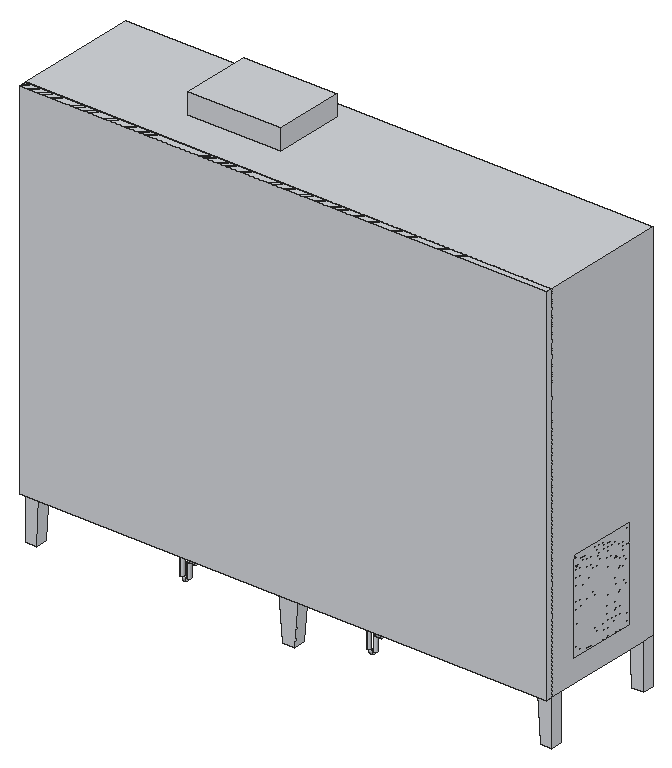
Revit family "AHU 5 _5", category Mechanické zařízení, Revit 2018
Family settings
  Kóta kulaté spojky = Použít průměr
  Typ dílu = Normální
  Číslo OmniClass = 23.75.00.00
  Nadpis OmniClass = Climate Control (HVAC)
  Založené na pracovní rovině = Ne
  Vždy vertikální = Ano
  Ořezat dutým tvarem při načtení = Ne
  Sdílené = Ne
  Bod výpočtu místnosti = Ne
Parameters (values of type "DUPLEXVENT 2500 Multi Eco")
  Width [instance] = 0.58 mm
  Weight [instance] = 324.00 kg
  URL = ""
  Type [instance] = "DUPLEXVENT 2500 Multi Eco"
  Total_SFP [instance] = 0
  Supply_outlet_hum [instance] = 90
  Supply_inlet_hum [instance] = 90
  Supply_ext_pressure [instance] = 0.0 Pa
  Supply_SFP [instance] = 0
  Source_adu_file [instance] = ""
  Recuperation_type [instance] = "Plate heat recovery exchanger"
  Recuperation_efficiency_EN308 [instance] = 0
  Project_name [instance] = ""
  Project_date [instance] = "10.8.2023"
  Power_supply_fusing [instance] = "0"
  Power_supply_cable [instance] = "0"
  Position [instance] = "AHU 5 "
  Phases_count [instance] = 3
  Panel_thickness [instance] = 0.06 mm
  Outer_surface [instance] = "RAL 9002"
  Length [instance] = 2.3 mm
  Insulation_type [instance] = "PUR"
  Insulation_thickness [instance] = 0.05 mm
  Installation_environment [instance] = ""
  Input_power_max [instance] = 5000 W
  Inner_surface [instance] = "Pozink"
  I2 [instance] = I1  # 0.0 L/s
  Height [instance] = 1.6 mm
  Exhaust_outlet_hum [instance] = 40
  Exhaust_inlet_hum [instance] = 40
  Exhaust_ext_pressure [instance] = 0.0 Pa
  Exhaust_SFP [instance] = 0
  E1 [instance] = E2 - M1  # 0.0 L/s
  E2 [instance] = 0.0 L/s
  I1 [instance] = 0.0 L/s
  Description = ""
  M1 [instance] = 0.0 L/s
  Device_dutypoint_version [instance] = "0"
  Device_design_version [instance] = "9"
  Device_adu_id [instance] = "5"
  Current_max [instance] = 8 A
  Casing_mat [instance] = "painted zinc layer"
  Cable type [instance] = "CYKY 5Jx2,5"
Reference planes
  plane 1 "Střed (vpředu/vzadu)": y = 0
  plane 2 "ref": z = 0
  plane 3 "Střed (vlevo/vpravo)": x = 0
Forms (mm)
  Sweep 1, solid
    path origin (0, 0, 0) x (0, 0, 1) y (1, 0, 0)
      loop
        line (0, 0) -> (1600, 0)
    profile origin (0, 0, 0) x (1, 0, 0) y (0, 1, 0)
      loop
        line (0, 0) -> (2300, 0) -> (2300, 550) -> (0, 550) -> (0, 0)
  Sweep 2, solid
    path origin (0, 0, 0) x (0, 0, 1) y (1, 0, 0)
      loop
        line (0, 0) -> (1600, 0)
    profile origin (0, 0, 0) x (1, 0, 0) y (0, 1, 0)
      loop
        line (0, 0) -> (0, -30) -> (2300, -30) -> (2300, 0) -> (0, 0)
  Sweep 3, solid
    path origin (1, 270, 300) x (0, 1, 0) y (-1, 0, 0)
      loop
        line (0, 0) -> (0, 1)
    profile origin (1, 270, 300) x (0, -1, 0) y (0, 0, 1)
      loop
        line (-150, -200) -> (150, -200) -> (150, 200) -> (-150, 200) -> (-150, -200)
  Sweep 4, solid
    path origin (2299, 285, 1205) x (1, 0, 0) y (0, 1, 0)
      loop
        line (0, 0) -> (1, 0)
    profile origin (2299, 285, 1205) x (0, 1, 0) y (0, 0, 1)
      loop
        line (-225, 355) -> (-225, -355) -> (225, -355) -> (225, 355) -> (-225, 355)
  Sweep 5, solid
    path origin (2299, 270, 300) x (1, 0, 0) y (0, 1, 0)
      loop
        line (0, 0) -> (1, 0)
    profile origin (2299, 270, 300) x (0, 1, 0) y (0, 0, 1)
      loop
        line (-150, 200) -> (-150, -200) -> (150, -200) -> (150, 200) -> (-150, 200)
  Sweep 6, solid
    path origin (1, 285, 1205) x (0, 1, 0) y (-1, 0, 0)
      loop
        line (0, 0) -> (0, 1)
    profile origin (1, 285, 1205) x (0, -1, 0) y (0, 0, 1)
      loop
        line (-225, -355) -> (225, -355) -> (225, 355) -> (-225, 355) -> (-225, -355)
  Sweep 7, solid
    path origin (1440, 75, 0) x (0, -1, 0) y (0, 0, 1)
      loop
        line (0, 0) -> (0, -142)
    profile origin (1440, 75, 0) x (-1, 0, 0) y (0, -1, 0)
      loop
        circle (0, 0) r 8
  Sweep 8, solid
    path origin (1448, 75, -150) x (0, 0, -1) y (1, 0, 0)
      loop
        line (0, 0) -> (0, 14)
    profile origin (1448, 75, -150) x (0, 0, 1) y (0, -1, 0)
      loop
        circle (0, 0) r 8
  Sweep 9, solid
    path origin (1470, 75, -142) x (0, -1, 0) y (0, 0, 1)
      loop
        line (0, 0) -> (0, 59)
    profile origin (1470, 75, -142) x (0, 1, 0) y (-1, 0, 0)
      loop
        circle (0, 0) r 8
  Sweep 10, solid
    path origin (1478, 75, -75) x (0, 0, -1) y (1, 0, 0)
      loop
        line (0, 0) -> (0, 22)
    profile origin (1478, 75, -75) x (0, 0, 1) y (0, -1, 0)
      loop
        circle (0, 0) r 8
  Sweep 11, solid
    path origin (625, 75, 0) x (0, -1, 0) y (0, 0, 1)
      loop
        line (0, 0) -> (0, -142)
    profile origin (625, 75, 0) x (-1, 0, 0) y (0, -1, 0)
      loop
        circle (0, 0) r 8
  Sweep 12, solid
    path origin (633, 75, -150) x (0, 0, -1) y (1, 0, 0)
      loop
        line (0, 0) -> (0, 14)
    profile origin (633, 75, -150) x (0, 0, 1) y (0, -1, 0)
      loop
        circle (0, 0) r 8
  Sweep 13, solid
    path origin (655, 75, -142) x (0, -1, 0) y (0, 0, 1)
      loop
        line (0, 0) -> (0, 59)
    profile origin (655, 75, -142) x (0, 1, 0) y (-1, 0, 0)
      loop
        circle (0, 0) r 8
  Sweep 14, solid
    path origin (663, 75, -75) x (0, 0, -1) y (1, 0, 0)
      loop
        line (0, 0) -> (0, 22)
    profile origin (663, 75, -75) x (0, 0, 1) y (0, -1, 0)
      loop
        circle (0, 0) r 8
  Sweep 15, solid
    path origin (0, 0, 0) x (0, 0, 1) y (1, 0, 0)
      loop
        line (0, 0) -> (1600, 0)
    profile origin (0, 0, 0) x (1, 0, 0) y (0, 1, 0)
      loop
        line (0, -30) -> (2300, -30) -> (2300, -5) -> (0, -5) -> (0, -30)
  Sweep 16, solid
    path origin (25, 50, 0) x (1, 0, 0) y (0, 1, 0)
      loop
        line (0, 0) -> (0, -50)
    profile origin (25, 50, 0) x (1, 0, 0) y (0, 0, 1)
      loop
        line (-25, 0) -> (-25, -200) -> (25, -200) -> (35, 0) -> (-25, 0)
  Sweep 17, solid
    path origin (2275, 50, 0) x (1, 0, 0) y (0, 1, 0)
      loop
        line (0, 0) -> (0, -50)
    profile origin (2275, 50, 0) x (1, 0, 0) y (0, 0, 1)
      loop
        line (-35, 0) -> (-25, -200) -> (25, -200) -> (25, 0) -> (-35, 0)
  Sweep 18, solid
    path origin (25, 550, 0) x (1, 0, 0) y (0, 1, 0)
      loop
        line (0, 0) -> (0, -50)
    profile origin (25, 550, 0) x (1, 0, 0) y (0, 0, 1)
      loop
        line (-25, 0) -> (-25, -200) -> (25, -200) -> (35, 0) -> (-25, 0)
  Sweep 19, solid
    path origin (2275, 550, 0) x (1, 0, 0) y (0, 1, 0)
      loop
        line (0, 0) -> (0, -50)
    profile origin (2275, 550, 0) x (1, 0, 0) y (0, 0, 1)
      loop
        line (-35, 0) -> (-25, -200) -> (25, -200) -> (25, 0) -> (-35, 0)
  Sweep 20, solid
    path origin (1150, 50, 0) x (1, 0, 0) y (0, 1, 0)
      loop
        line (0, 0) -> (0, -50)
    profile origin (1150, 50, 0) x (1, 0, 0) y (0, 0, 1)
      loop
        line (-45, 0) -> (-25, -200) -> (25, -200) -> (45, 0) -> (-45, 0)
  Sweep 21, solid
    path origin (1150, 550, 0) x (1, 0, 0) y (0, 1, 0)
      loop
        line (0, 0) -> (0, -50)
    profile origin (1150, 550, 0) x (1, 0, 0) y (0, 0, 1)
      loop
        line (-45, 0) -> (-25, -200) -> (25, -200) -> (45, 0) -> (-45, 0)
  Sweep 22, solid
    path origin (0, 0, 1600) x (0, 0, 1) y (1, 0, 0)
      loop
        line (0, 0) -> (90, 0)
    profile origin (0, 0, 1600) x (1, 0, 0) y (0, 1, 0)
      loop
        line (575, 168) -> (980, 168) -> (980, 473) -> (575, 473) -> (575, 168)
  Sweep 23, solid
    path origin (575, 321, 1645) x (0, 0, -1) y (1, 0, 0)
      loop
        line (0, 0) -> (0, -1)
    profile origin (575, 321, 1645) x (0, 0, -1) y (0, -1, 0)
      loop
        circle (0, 0) r 10
Lines and regions (mm)
  model lines, style "Symbol"
    curve 1: line (943, -30, 0) -> (943, -30, 320)
    curve 2: line (943, -30, 1600) -> (943, -30, 1280)
    curve 3: line (0, -30, 800) -> (463, -30, 800)
    curve 4: line (2300, -30, 800) -> (1423, -30, 800)
    curve 5: line (463, -30, 800) -> (703, -30, 1280)
    curve 6: line (703, -30, 1280) -> (1183, -30, 1280)
    curve 7: line (1183, -30, 1280) -> (1423, -30, 800)
    curve 8: line (1423, -30, 800) -> (1183, -30, 320)
    curve 9: line (1183, -30, 320) -> (943, -30, 320)
    curve 10: line (943, -30, 320) -> (703, -30, 320)
    curve 11: line (703, -30, 320) -> (463, -30, 800)
    curve 12: line (1948, -30, 1314) -> (2204, -30, 1270)
    curve 13: line (1948, -30, 1086) -> (2204, -30, 1130)
    curve 14: line (352, -30, 1086) -> (96, -30, 1130)
    curve 15: line (352, -30, 1314) -> (96, -30, 1270)
    curve 16: line (46, -30, 160) -> (46, -30, 640)
    curve 17: line (46, -30, 640) -> (184, -30, 640)
    curve 18: line (184, -30, 640) -> (184, -30, 160)
    curve 19: line (184, -30, 160) -> (46, -30, 160)
    curve 20: line (115, -30, 160) -> (184, -30, 400)
    curve 21: line (115, -30, 640) -> (184, -30, 400)
    curve 22: line (2254, -30, 640) -> (2254, -30, 160)
    curve 23: line (2254, -30, 160) -> (2116, -30, 160)
    curve 24: line (2116, -30, 160) -> (2116, -30, 640)
    curve 25: line (2116, -30, 640) -> (2254, -30, 640)
    curve 26: line (2185, -30, 640) -> (2116, -30, 400)
    curve 27: line (2185, -30, 160) -> (2116, -30, 400)
    curve 28: line (616, -30, 280) -> (398, -30, 708)
    curve 29: line (398, -30, 708) -> (470, -30, 744)
    curve 30: line (470, -30, 744) -> (688, -30, 316)
    curve 31: line (688, -30, 316) -> (616, -30, 280)
    curve 32: line (485, -30, 554) -> (513, -30, 641)
    curve 33: line (573, -30, 383) -> (601, -30, 470)
    curve 34: line (0, -1230, 0) -> (0, -30, 0)
    curve 35: line (2300, -1230, 0) -> (2300, -30, 0)
    curve 36: line (0, -1230, 0) -> (2300, -1230, 0)
    curve 37: line (0, -1230, 1600) -> (0, -30, 1600)
    curve 38: line (2300, -1230, 1600) -> (2300, -30, 1600)
    curve 39: line (0, -1230, 1600) -> (2300, -1230, 1600)
    curve 40: line (0, -1230, 0) -> (0, -1230, 1600)
    curve 41: line (2300, -1230, 0) -> (2300, -1230, 1600)
    curve 42: line (0, -1230, 1400) -> (200, -1230, 1600)
    curve 43: line (0, -1230, 1200) -> (400, -1230, 1600)
    curve 44: line (0, -1230, 1000) -> (600, -1230, 1600)
    curve 45: line (0, -1230, 800) -> (800, -1230, 1600)
    curve 46: line (0, -1230, 600) -> (1000, -1230, 1600)
    curve 47: line (0, -1230, 400) -> (1200, -1230, 1600)
    curve 48: line (0, -1230, 200) -> (1400, -1230, 1600)
    curve 49: line (0, -1230, 0) -> (1600, -1230, 1600)
    curve 50: line (200, -1230, 0) -> (1800, -1230, 1600)
    curve 51: line (400, -1230, 0) -> (2000, -1230, 1600)
    curve 52: line (600, -1230, 0) -> (2200, -1230, 1600)
    curve 53: line (800, -1230, 0) -> (2300, -1230, 1500)
    curve 54: line (1000, -1230, 0) -> (2300, -1230, 1300)
    curve 55: line (1200, -1230, 0) -> (2300, -1230, 1100)
    curve 56: line (1400, -1230, 0) -> (2300, -1230, 900)
    curve 57: line (1600, -1230, 0) -> (2300, -1230, 700)
    curve 58: line (1800, -1230, 0) -> (2300, -1230, 500)
    curve 59: line (2000, -1230, 0) -> (2300, -1230, 300)
    curve 60: line (2200, -1230, 0) -> (2300, -1230, 100)
    curve 61: line (2300, -1230, 1400) -> (2300, -1030, 1600)
    curve 62: line (2300, -1230, 1200) -> (2300, -830, 1600)
    curve 63: line (2300, -1230, 1000) -> (2300, -630, 1600)
    curve 64: line (2300, -1230, 800) -> (2300, -430, 1600)
    curve 65: line (2300, -1230, 600) -> (2300, -230, 1600)
    curve 66: line (2300, -1230, 400) -> (2300, -30, 1600)
    curve 67: line (2300, -1230, 200) -> (2300, -30, 1400)
    curve 68: line (2300, -1230, 0) -> (2300, -30, 1200)
    curve 69: line (2300, -1030, 0) -> (2300, -30, 1000)
    curve 70: line (2300, -830, 0) -> (2300, -30, 800)
    curve 71: line (2300, -630, 0) -> (2300, -30, 600)
    curve 72: line (2300, -430, 0) -> (2300, -30, 400)
    curve 73: line (2300, -230, 0) -> (2300, -30, 200)
    curve 74: line (0, -1030, 1600) -> (200, -1230, 1600)
    curve 75: line (0, -830, 1600) -> (400, -1230, 1600)
    curve 76: line (0, -630, 1600) -> (600, -1230, 1600)
    curve 77: line (0, -430, 1600) -> (800, -1230, 1600)
    curve 78: line (0, -230, 1600) -> (1000, -1230, 1600)
    curve 79: line (0, -30, 1600) -> (1200, -1230, 1600)
    curve 80: line (200, -30, 1600) -> (1400, -1230, 1600)
    curve 81: line (400, -30, 1600) -> (1600, -1230, 1600)
    curve 82: line (600, -30, 1600) -> (1800, -1230, 1600)
    curve 83: line (800, -30, 1600) -> (2000, -1230, 1600)
    curve 84: line (1000, -30, 1600) -> (2200, -1230, 1600)
    curve 85: line (1200, -30, 1600) -> (2300, -1130, 1600)
    curve 86: line (1400, -30, 1600) -> (2300, -930, 1600)
    curve 87: line (1600, -30, 1600) -> (2300, -730, 1600)
    curve 88: line (1800, -30, 1600) -> (2300, -530, 1600)
    curve 89: line (2000, -30, 1600) -> (2300, -330, 1600)
    curve 90: line (2200, -30, 1600) -> (2300, -130, 1600)
    curve 91: line (0, 0, 2320) -> (0, 0, 1600)
    curve 92: line (2300, 0, 2320) -> (2300, 0, 1600)
    curve 93: line (0, 0, 2320) -> (2300, 0, 2320)
    curve 94: line (0, 550, 2320) -> (0, 550, 1600)
    curve 95: line (2300, 550, 2320) -> (2300, 550, 1600)
    curve 96: line (0, 550, 2320) -> (2300, 550, 2320)
    curve 97: line (0, 0, 2320) -> (0, 550, 2320)
    curve 98: line (2300, 0, 2320) -> (2300, 550, 2320)
    curve 99: line (0, 350, 2320) -> (200, 550, 2320)
    curve 100: line (0, 150, 2320) -> (400, 550, 2320)
    curve 101: line (50, 0, 2320) -> (600, 550, 2320)
    curve 102: line (250, 0, 2320) -> (800, 550, 2320)
    curve 103: line (450, 0, 2320) -> (1000, 550, 2320)
    curve 104: line (650, 0, 2320) -> (1200, 550, 2320)
    curve 105: line (850, 0, 2320) -> (1400, 550, 2320)
    curve 106: line (1050, 0, 2320) -> (1600, 550, 2320)
    curve 107: line (1250, 0, 2320) -> (1800, 550, 2320)
    curve 108: line (1450, 0, 2320) -> (2000, 550, 2320)
    curve 109: line (1650, 0, 2320) -> (2200, 550, 2320)
    curve 110: line (1850, 0, 2320) -> (2300, 450, 2320)
    curve 111: line (2050, 0, 2320) -> (2300, 250, 2320)
    curve 112: line (2250, 0, 2320) -> (2300, 50, 2320)
    curve 113: line (2300, 350, 2320) -> (2300, 550, 2120)
    curve 114: line (2300, 150, 2320) -> (2300, 550, 1920)
    curve 115: line (2300, 0, 2270) -> (2300, 550, 1720)
    curve 116: line (2300, 0, 2070) -> (2300, 470, 1600)
    curve 117: line (2300, 0, 1870) -> (2300, 270, 1600)
    curve 118: line (2300, 0, 1670) -> (2300, 70, 1600)
    curve 119: line (0, 550, 2120) -> (200, 550, 2320)
    curve 120: line (0, 550, 1920) -> (400, 550, 2320)
    curve 121: line (0, 550, 1720) -> (600, 550, 2320)
    curve 122: line (80, 550, 1600) -> (800, 550, 2320)
    curve 123: line (280, 550, 1600) -> (1000, 550, 2320)
    curve 124: line (480, 550, 1600) -> (1200, 550, 2320)
    curve 125: line (680, 550, 1600) -> (1400, 550, 2320)
    curve 126: line (880, 550, 1600) -> (1600, 550, 2320)
    curve 127: line (1080, 550, 1600) -> (1800, 550, 2320)
    curve 128: line (1280, 550, 1600) -> (2000, 550, 2320)
    curve 129: line (1480, 550, 1600) -> (2200, 550, 2320)
    curve 130: line (1680, 550, 1600) -> (2300, 550, 2220)
    curve 131: line (1880, 550, 1600) -> (2300, 550, 2020)
    curve 132: line (2080, 550, 1600) -> (2300, 550, 1820)
    curve 133: line (2280, 550, 1600) -> (2300, 550, 1620)
    curve 134: line (0, 550, -200) -> (0, 550, 0)
    curve 135: line (2300, 550, -200) -> (2300, 550, 0)
    curve 136: line (0, 550, -200) -> (2300, 550, -200)
    curve 137: line (0, 0, -200) -> (0, 0, 0)
    curve 138: line (2300, 0, -200) -> (2300, 0, 0)
    curve 139: line (0, 0, -200) -> (2300, 0, -200)
    curve 140: line (0, 550, -200) -> (0, 0, -200)
    curve 141: line (2300, 550, -200) -> (2300, 0, -200)
    curve 142: line (0, 200, -200) -> (200, 0, -200)
    curve 143: line (0, 400, -200) -> (400, 0, -200)
    curve 144: line (50, 550, -200) -> (600, 0, -200)
    curve 145: line (250, 550, -200) -> (800, 0, -200)
    curve 146: line (450, 550, -200) -> (1000, 0, -200)
    curve 147: line (650, 550, -200) -> (1200, 0, -200)
    curve 148: line (850, 550, -200) -> (1400, 0, -200)
    curve 149: line (1050, 550, -200) -> (1600, 0, -200)
    curve 150: line (1250, 550, -200) -> (1800, 0, -200)
    curve 151: line (1450, 550, -200) -> (2000, 0, -200)
    curve 152: line (1650, 550, -200) -> (2200, 0, -200)
    curve 153: line (1850, 550, -200) -> (2300, 100, -200)
    curve 154: line (2050, 550, -200) -> (2300, 300, -200)
    curve 155: line (2250, 550, -200) -> (2300, 500, -200)
    curve 156: line (2300, 200, -200) -> (2300, 0, 0)
    curve 157: line (2300, 400, -200) -> (2300, 200, 0)
    curve 158: line (2300, 550, -150) -> (2300, 400, 0)
    curve 159: line (0, 0, 0) -> (200, 0, -200)
    curve 160: line (200, 0, 0) -> (400, 0, -200)
    curve 161: line (400, 0, 0) -> (600, 0, -200)
    curve 162: line (600, 0, 0) -> (800, 0, -200)
    curve 163: line (800, 0, 0) -> (1000, 0, -200)
    curve 164: line (1000, 0, 0) -> (1200, 0, -200)
    curve 165: line (1200, 0, 0) -> (1400, 0, -200)
    curve 166: line (1400, 0, 0) -> (1600, 0, -200)
    curve 167: line (1600, 0, 0) -> (1800, 0, -200)
    curve 168: line (1800, 0, 0) -> (2000, 0, -200)
    curve 169: line (2000, 0, 0) -> (2200, 0, -200)
    curve 170: line (2200, 0, 0) -> (2300, 0, -100)
    curve 171: line (0, -30, 0) -> (0, -30, 1600)
    curve 172: line (0, -30, 1600) -> (920, -30, 1600)
    curve 173: line (920, -30, 1600) -> (920, -30, 0)
    curve 174: line (920, -30, 0) -> (0, -30, 0)
    curve 175: line (1180, -30, 0) -> (1180, -30, 1600)
    curve 176: line (1180, -30, 1600) -> (2300, -30, 1600)
    curve 177: line (2300, -30, 1600) -> (2300, -30, 0)
    curve 178: line (2300, -30, 0) -> (1180, -30, 0)
    curve 179: line (0, -30, 0) -> (2300, -30, 0)
    curve 180: line (0, -30, 1600) -> (2300, -30, 1600)
    curve 181: line (0, -30, 0) -> (0, -30, 1600)
    curve 182: line (2300, -30, 0) -> (2300, -30, 1600)
    curve 183: line (0, -30, 0) -> (0, -5, 0)
    curve 184: line (2300, -30, 0) -> (2300, -5, 0)
    curve 185: line (0, -30, 1600) -> (0, -5, 1600)
    curve 186: line (2300, -30, 1600) -> (2300, -5, 1600)
    curve 187: circle (2060, -30, 1200) r 160 normal (0, -1, 0)
    curve 188: circle (240, -30, 1200) r 160 normal (0, -1, 0)
    curve 189: circle (499, -30, 598) r 12 normal (0, -1, 0)
    curve 190: circle (587, -30, 426) r 12 normal (0, -1, 0)
    curve 191: circle (1440, 75, 0) r 8 normal (0, 0, -1)
    curve 192: circle (1440, 75, -142) r 8 normal (0, 0, -1)
    curve 193: circle (625, 75, 0) r 8 normal (0, 0, -1)
    curve 194: circle (625, 75, -142) r 8 normal (0, 0, -1)
Dimensions and locks
  aligned and locked: level to plane 2 "ref"
Connectors
  hvac at (0, 270, 300), driven by "E1"
    settings: on Sweep 3, index 1, duct flow 0.0 L/s, flow factor 0, pres drop 0.0 Pa, loss coef 0, conn angle 0.00°, conn width 300 mm, conn height 400 mm, conn diameter 609.6 mm, duct sys type 1, conn prof type 1, flow config 1, flow direction 1, loss method 0, conn ref index -1, conn util no, is conn primary yes, conn desc ""
  hvac at (2300, 285, 1205), driven by "E2"
    settings: on Sweep 4, index 2, duct flow 0.0 L/s, flow factor 1, pres drop 0.0 Pa, loss coef 0, conn angle 0.00°, conn width 450 mm, conn height 710 mm, conn diameter 609.6 mm, duct sys type 1, conn prof type 1, flow config 2, flow direction 2, loss method 0, conn ref index -1, conn util no, is conn primary no, conn desc ""
  hvac at (2300, 270, 300), driven by "I1"
    settings: on Sweep 5, index 3, duct flow 0.0 L/s, flow factor 1, pres drop 0.0 Pa, loss coef 0, conn angle 0.00°, conn width 300 mm, conn height 400 mm, conn diameter 609.6 mm, duct sys type 3, conn prof type 1, flow config 2, flow direction 1, loss method 0, conn ref index -1, conn util no, is conn primary no, conn desc ""
  hvac at (0, 285, 1205), driven by "I2"
    settings: on Sweep 6, index 4, duct flow 0.0 L/s, flow factor 0, pres drop 0.0 Pa, loss coef 0, conn angle 0.00°, conn width 450 mm, conn height 710 mm, conn diameter 609.6 mm, duct sys type 3, conn prof type 1, flow config 1, flow direction 2, loss method 0, conn ref index -1, conn util no, is conn primary no, conn desc ""
  piping at (1500, 75, -75), diameter 40
    settings: on Sweep 10, index 5, connector inside diameter 609.6 mm, connector length 0 mm, flow factor 0, pipe flow 0.0 L/s, pressure drop 0.0 Pa, fitting loss kfactor 0, connector angle 0.00°, fixture units 0, engagement length 0 mm, angle of deflection 0.00°, flow configuration 1, flow direction 2, fitting loss method 0, system type 16, joint type 0, gender type 0, connector reference index -1, connector utility 0, adjustable connector no, is connector primary yes, connector description ""
  piping at (685, 75, -75), diameter 40
    settings: on Sweep 14, index 6, connector inside diameter 609.6 mm, connector length 0 mm, flow factor 0, pipe flow 0.0 L/s, pressure drop 0.0 Pa, fitting loss kfactor 0, connector angle 0.00°, fixture units 0, engagement length 0 mm, angle of deflection 0.00°, flow configuration 1, flow direction 2, fitting loss method 0, system type 16, joint type 0, gender type 0, connector reference index -1, connector utility 0, adjustable connector no, is connector primary no, connector description ""
  electrical at (574, 321, 1645)
    settings: on Sweep 23, index 7, voltage 400 V, apparent load 0 VA, apparent load phase1 0 VA, apparent load phase2 0 VA, apparent load phase3 0 VA, power factor 1, load classification "Další", number of poles 3, system type 31, power factor state 1, is connector primary yes, connector utility no, sub classification motor no, connector description ""
